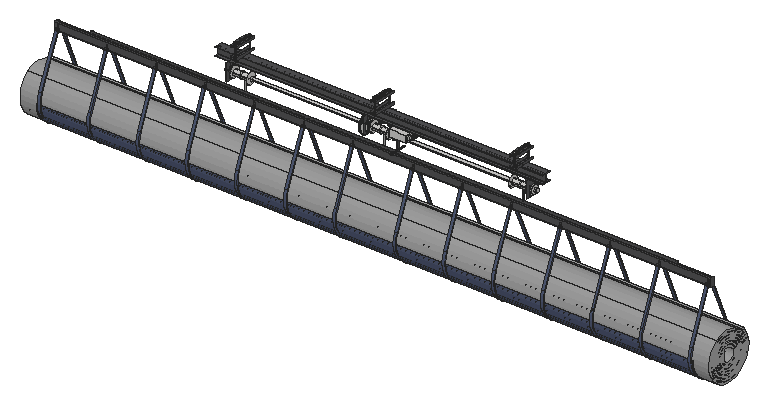
Revit family "Wrestling_Mat_Storage-PSS-4090", category Specialty Equipment, Revit 2017
Family settings
  Round Connector Dimension = Use Diameter
  Part Type = Normal
  OmniClass Number = 23.40.50.34.34
  OmniClass Title = Equipment Storage Racks
  Work Plane-Based = No
  Always vertical = Yes
  Cut with Voids When Loaded = No
  Shared = No
  Room Calculation Point = No
Parameters (values of type "4090 - Single Sling")
  URL = "http://www.perfsports.com/"
  Superstructure Finish = Powder Coat - Performance Sports Systems - Black
  Sling Material = Vinyl Coated Fabric - Performance Sports Systems - C04 Royal Blue
  Show Lower Sling = no
  Mat Color = Generic - Wrestling Mat
  Product Page URL = "http://www.perfsports.com/store/p-96-4090-mat-storage-system.aspx"
  Model = "4090"
  Manufacturer = "Performance Sports Systems"  # constant formula
  Length = 40' - 0"
  Description = "Wrestling Mat Storage System"
  Created By = "Revitus"  # constant formula
  Creator URL = "http://www.revituspro.com/"
  BIM Version = "v3.1"
  CSI MasterFormat = "11 66 23"
  Assembly Code = "E1020900"
  Attachment Height [instance] = 24' - 6"
Reference planes (in)
  plane 1 "Centerline of Drive Shaft (Front/Back)": y = 0
  plane 2: z = 0
  plane 3 "Center (Left/Right)": x = 0
  plane 4 "Left": x = -240
  plane 5 "Right": x = 240
  plane 6: x = -238
  plane 7: x = 238
  plane 8 "Top of Load Bar": z = 257.875
  plane 9: x = -214.75
  plane 10: x = 214.75
  plane 11 "Centerline of Curtain Roller (Top/Bottom)": z = 271.375
  plane 12 "Bottom of Structure": z = 294
  plane 13 "Bottom of Load Bar": z = 251.875
  plane 14: x = -120
  plane 15: x = 120
  plane 16 "Left Carrier Centerline (Left/Right)": x = -102
  plane 17 "Right Carrier Centerline (Left/Right)": x = 102
  plane 18: y = 3
  plane 19: y = 1
  plane 20 "Drive Shaft - Left": x = -114
  plane 21 "Drive Shaft - Right": x = 114
  plane 22 "Edge of Mat - Left": x = -252
  plane 23 "Edge of Mat - Right": x = 252
  plane 24: z = 193.375
  plane 25 "Centerline of Mat (Top/Bottom)": z = 211.375
  plane 26: z = 259.875
  plane 27: y = 2.25
  plane 28: y = 1.75
  plane 29 "Center (Front/Back)": y = 2
  plane 30 "Back": y = 20
  plane 31 "Front": y = -16
  plane 32: x = -22
  plane 33: z = 151.375
  plane 34: x = -202
  plane 35: x = -166
  plane 36: x = -130
  plane 37: x = -94
  plane 38: x = -58
  plane 39: x = 22
  plane 40: x = 202
  plane 41: x = 166
  plane 42: x = 130
  plane 43: x = 94
  plane 44: x = 58
Forms (in)
  Extrusion 1, solid, material "Powder Coat - Performance Sports Systems - Black" <- "Superstructure Finish"
    sketch origin (0, 0, 117) x (0, 1, 0) y (0, 0, 1)
      loop
        arc (3, 140.5) -> (2.89017, 140.76517) -> (2.625, 140.875) r 0.375
        line (2.625, 140.875) -> (1.375, 140.875)
        arc (1.375, 140.875) -> (1.10983, 140.76517) -> (1, 140.5) r 0.375
        line (1, 140.5) -> (1, 135.25)
        arc (1, 135.25) -> (1.10983, 134.98483) -> (1.375, 134.875) r 0.375
        line (1.375, 134.875) -> (2.625, 134.875)
        arc (2.625, 134.875) -> (2.89017, 134.98483) -> (3, 135.25) r 0.375
        line (3, 135.25) -> (3, 140.5)
      loop
        arc (2.8125, 140.5) -> (2.75758, 140.63258) -> (2.625, 140.6875) r 0.1875
        line (2.625, 140.6875) -> (1.375, 140.6875)
        arc (1.375, 140.6875) -> (1.24242, 140.63258) -> (1.1875, 140.5) r 0.1875
        line (1.1875, 140.5) -> (1.1875, 135.25)
        arc (1.1875, 135.25) -> (1.24242, 135.11742) -> (1.375, 135.0625) r 0.1875
        line (1.375, 135.0625) -> (2.625, 135.0625)
        arc (2.625, 135.0625) -> (2.75758, 135.11742) -> (2.8125, 135.25) r 0.1875
        line (2.8125, 135.25) -> (2.8125, 140.5)
    from -240 to 240
  Extrusion 2, solid, material "Metal - Performance Sports Systems - Gray Steel"
    sketch origin (0, 0, 0) x (0, 1, 0) y (0, 0, 1)
      loop
        circle (0, 271.375) r 1
    from -114 to 114
  Extrusion 3, solid, material "Powder Coat - Performance Sports Systems - Black" <- "Superstructure Finish", detail levels medium+fine
    sketch origin (0, 0, 0) x (0, 1, 0) y (0, 0, 1)
      loop
        line (-3, 285) -> (-3, 284.5625) -> (-0.40625, 284.5625)
        arc (-0.40625, 284.5625) -> (-0.22947, 284.48928) -> (-0.15625, 284.3125) r 0.25
        line (-0.15625, 284.3125) -> (-0.15625, 279.3125)
        arc (-0.15625, 279.3125) -> (-0.22947, 279.13572) -> (-0.40625, 279.0625) r 0.25
        line (-0.40625, 279.0625) -> (-3, 279.0625) -> (-3, 278.625) -> (3, 278.625) -> (3, 279.0625) -> (0.40625, 279.0625)
        arc (0.40625, 279.0625) -> (0.22947, 279.13572) -> (0.15625, 279.3125) r 0.25
        line (0.15625, 279.3125) -> (0.15625, 284.3125)
        arc (0.15625, 284.3125) -> (0.22947, 284.48928) -> (0.40625, 284.5625) r 0.25
        line (0.40625, 284.5625) -> (3, 284.5625) -> (3, 285) -> (-3, 285)
    from -120 to 120
  Extrusion 4, solid, material "Powder Coat - Performance Sports Systems - Black" <- "Superstructure Finish"
    sketch origin (0, 0, 0) x (0, 1, 0) y (0, 0, 1)
      loop
        line (2.25, 257.875) -> (2.25, 259.875) -> (1.75, 259.875) -> (1.75, 257.875) -> (2.25, 257.875)
    from -214.75 to 214.75
  Extrusion 5, solid, material "Generic - Wrestling Mat" <- "Mat Color"
    sketch origin (0, 0, 0) x (0, 1, 0) y (0, 0, 1)
      loop
        arc (-2.24264, 215.61764) -> (2, 205.375) -> (6.24264, 215.61764) r 6
        arc (6.24264, 215.61764) -> (1.5286, 217.97466) -> (-3.65685, 217.03185) r 8.33333
        arc (-3.65685, 217.03185) -> (2, 203.375) -> (7.65685, 217.03185) r 8
        arc (7.65685, 217.03185) -> (1.7971, 219.97427) -> (-4.66009, 218.83443) r 10.42105
        arc (-4.66009, 218.83443) -> (1.71728, 201.379) -> (9.07107, 218.44607) r 10
        arc (9.07107, 218.44607) -> (1.97061, 221.96962) -> (-5.81506, 220.4813) r 12.42105
        arc (-5.81506, 220.4813) -> (1.54315, 199.3837) -> (10.48528, 219.86028) r 12
        arc (10.48528, 219.86028) -> (2.14446, 223.96412) -> (-6.9677, 222.12583) r 14.42105
        arc (-6.9677, 222.12583) -> (1.36892, 197.38923) -> (11.89949, 221.27449) r 14
        arc (11.89949, 221.27449) -> (2.31851, 225.95809) -> (-8.11886, 223.7689) r 16.42105
        arc (-8.11886, 223.7689) -> (1.19463, 195.39528) -> (13.31371, 222.68871) r 16
        arc (13.31371, 222.68871) -> (2.49269, 227.95171) -> (-9.26904, 225.41098) r 18.42105
        arc (-9.26904, 225.41098) -> (1.02029, 193.40168) -> (14.72792, 224.10292) r 18
        line (14.72792, 224.10292) -> (13.84404, 223.21904)
        arc (13.84404, 223.21904) -> (1.12926, 194.64765) -> (-8.55027, 224.38477) r 16.75
        arc (-8.55027, 224.38477) -> (2.38382, 226.70573) -> (12.42983, 221.80483) r 17.17105
        arc (12.42983, 221.80483) -> (1.30357, 196.64145) -> (-7.39952, 222.74212) r 14.75
        arc (-7.39952, 222.74212) -> (2.20971, 224.71191) -> (11.01561, 220.39061) r 15.17105
        arc (11.01561, 220.39061) -> (1.47782, 198.6357) -> (-6.24752, 221.09822) r 12.75
        arc (-6.24752, 221.09822) -> (2.03578, 222.71764) -> (9.6014, 218.9764) r 13.17105
        arc (9.6014, 218.9764) -> (1.65199, 200.63063) -> (-5.09356, 219.45237) r 10.75
        arc (-5.09356, 219.45237) -> (1.86211, 220.72266) -> (8.18718, 217.56218) r 11.17105
        arc (8.18718, 217.56218) -> (1.82605, 202.62673) -> (-3.93634, 217.80324) r 8.75
        arc (-3.93634, 217.80324) -> (1.68894, 218.72649) -> (6.77297, 216.14797) r 9.17105
        arc (6.77297, 216.14797) -> (2, 204.625) -> (-2.77297, 216.14797) r 6.75
        arc (-2.77297, 216.14797) -> (1.51675, 216.72806) -> (5.35876, 214.73376) r 7.17105
        arc (5.35876, 214.73376) -> (2, 206.625) -> (-1.35876, 214.73376) r 4.75
        line (-1.35876, 214.73376) -> (-2.24264, 215.61764)
    from -252 to 252
  Extrusion 6, solid, material "Vinyl Coated Fabric - Performance Sports Systems - C04 Royal Blue" <- "Sling Material"
    sketch origin (0, 0, 0) x (0, 1, 0) y (0, 0, 1)
      loop
        line (-16, 211.375) -> (-16.125, 211.375)
        arc (-16.125, 211.375) -> (2, 193.25) -> (20.125, 211.375) r 18.125
        line (20.125, 211.375) -> (20, 211.375)
        arc (20, 211.375) -> (2, 193.375) -> (-16, 211.375) r 18
    from -240 to 240
  Extrusion 7, solid, material "Generic - Wrestling Mat" <- "Mat Color", visible <- "Show Lower Sling"
    sketch origin (0, 0, 0) x (0, 1, 0) y (0, 0, 1)
      loop
        arc (-2.24264, 155.61764) -> (2, 145.375) -> (6.24264, 155.61764) r 6
        arc (6.24264, 155.61764) -> (1.5286, 157.97466) -> (-3.65685, 157.03185) r 8.33333
        arc (-3.65685, 157.03185) -> (2, 143.375) -> (7.65685, 157.03185) r 8
        arc (7.65685, 157.03185) -> (1.7971, 159.97427) -> (-4.66009, 158.83443) r 10.42105
        arc (-4.66009, 158.83443) -> (1.71728, 141.379) -> (9.07107, 158.44607) r 10
        arc (9.07107, 158.44607) -> (1.97061, 161.96962) -> (-5.81506, 160.4813) r 12.42105
        arc (-5.81506, 160.4813) -> (1.54315, 139.3837) -> (10.48528, 159.86028) r 12
        arc (10.48528, 159.86028) -> (2.14446, 163.96412) -> (-6.9677, 162.12583) r 14.42105
        arc (-6.9677, 162.12583) -> (1.36892, 137.38923) -> (11.89949, 161.27449) r 14
        arc (11.89949, 161.27449) -> (2.31851, 165.95809) -> (-8.11886, 163.7689) r 16.42105
        arc (-8.11886, 163.7689) -> (1.19463, 135.39528) -> (13.31371, 162.68871) r 16
        arc (13.31371, 162.68871) -> (2.49269, 167.95171) -> (-9.26904, 165.41098) r 18.42105
        arc (-9.26904, 165.41098) -> (1.02029, 133.40168) -> (14.72792, 164.10292) r 18
        line (14.72792, 164.10292) -> (13.84404, 163.21904)
        arc (13.84404, 163.21904) -> (1.12926, 134.64765) -> (-8.55027, 164.38477) r 16.75
        arc (-8.55027, 164.38477) -> (2.38382, 166.70573) -> (12.42983, 161.80483) r 17.17105
        arc (12.42983, 161.80483) -> (1.30357, 136.64145) -> (-7.39952, 162.74212) r 14.75
        arc (-7.39952, 162.74212) -> (2.20971, 164.71191) -> (11.01561, 160.39061) r 15.17105
        arc (11.01561, 160.39061) -> (1.47782, 138.6357) -> (-6.24752, 161.09822) r 12.75
        arc (-6.24752, 161.09822) -> (2.03578, 162.71764) -> (9.6014, 158.9764) r 13.17105
        arc (9.6014, 158.9764) -> (1.65199, 140.63063) -> (-5.09356, 159.45237) r 10.75
        arc (-5.09356, 159.45237) -> (1.86211, 160.72266) -> (8.18718, 157.56218) r 11.17105
        arc (8.18718, 157.56218) -> (1.82605, 142.62673) -> (-3.93634, 157.80324) r 8.75
        arc (-3.93634, 157.80324) -> (1.68894, 158.72649) -> (6.77297, 156.14797) r 9.17105
        arc (6.77297, 156.14797) -> (2, 144.625) -> (-2.77297, 156.14797) r 6.75
        arc (-2.77297, 156.14797) -> (1.51675, 156.72806) -> (5.35876, 154.73376) r 7.17105
        arc (5.35876, 154.73376) -> (2, 146.625) -> (-1.35876, 154.73376) r 4.75
        line (-1.35876, 154.73376) -> (-2.24264, 155.61764)
    from -252 to 252
  Extrusion 8, solid, material "Vinyl Coated Fabric - Performance Sports Systems - C04 Royal Blue" <- "Sling Material", visible <- "Show Lower Sling"
    sketch origin (0, 0, 0) x (0, 1, 0) y (0, 0, 1)
      loop
        line (-16, 151.375) -> (-16.125, 151.375)
        arc (-16.125, 151.375) -> (2, 133.25) -> (20.125, 151.375) r 18.125
        line (20.125, 151.375) -> (20, 151.375)
        arc (20, 151.375) -> (2, 133.375) -> (-16, 151.375) r 18
    from -240 to 240
  Sweep 9, solid, material "Metal - Performance Sports Systems - Gray Steel"
    path origin (-102, 0, 0) x (0, 0, 1) y (0, -1, 0)
      loop
        line (259.875, -2) -> (271.375, -2)
        arc (271.375, -2) -> (272.78921, 1.41421) -> (269.375, 0) r 2
    profile origin (-102, -1.41421, 272.78921) x (0, 0.707107, -0.707107) y (1, 0, 0)
      loop
        circle (-0.15625, 0) r 0.15625
  Sweep 10, solid, material "Metal - Performance Sports Systems - Gray Steel"
    path origin (102, 0, 0) x (0, 0, 1) y (0, -1, 0)
      loop
        line (259.875, -2) -> (271.375, -2)
        arc (271.375, -2) -> (272.78921, 1.41421) -> (269.375, 0) r 2
    profile origin (102, -1.41421, 272.78921) x (0, -0.707107, 0.707107) y (-1, 0, 0)
      loop
        circle (-0.15625, 0) r 0.15625
  Sweep 11, solid, material "Metal - Performance Sports Systems - Gray Steel"
    path origin (0, 0, 0) x (0, 1, 0) y (0, 0, 1)
      loop
        line (2, 259.875) -> (2, 271.375)
        arc (2, 271.375) -> (-1.41421, 272.78921) -> (0, 269.375) r 2
    profile origin (0, -1.41421, 272.78921) x (0, 0.707107, -0.707107) y (1, 0, 0)
      loop
        circle (-0.15625, 0) r 0.15625
Lines and regions (in)
  symbolic lines, style "SpecialityEquipmentHiddenLines"
    curve 1: line (-240, 20, 0) -> (240, 20, 0)
    curve 2: line (-240, -16, 0) -> (240, -16, 0)
    curve 3: line (-240, 20, 0) -> (-240, -16, 0)
    curve 4: line (240, 20, 0) -> (240, -16, 0)
  model lines, style "InvisibleLines", not visible
    curve 5: line (0, 0, 259.875) -> (0, 0, 0)
Dimensions and locks (in)
  "Length": plane 4 "Left" to plane 5 "Right"
  locked: plane 4 "Left" to plane 9 at 25.25
  locked: plane 5 "Right" to plane 10 at 25.25
  equal spacing: plane 4 "Left", plane 3 "Center (Left/Right)", plane 5 "Right"
  "Attachment Height": plane 12 "Bottom of Structure" to level
  locked: plane 12 "Bottom of Structure" to plane 11 "Centerline of Curtain Roller (Top/Bottom)" at 22.625
  plane 12 "Bottom of Structure" to Extrusion 3 sketch curve to Extrusion 3 sketch curve = 0' - 9" locked, 0' - 6 3/8" locked
  plane 15 to plane 3 "Center (Left/Right)" to plane 14 = 10' - 0" locked, 10' - 0" locked
  locked: plane 16 "Left Carrier Centerline (Left/Right)" to plane 14 at 18
  locked: plane 17 "Right Carrier Centerline (Left/Right)" to plane 15 at 18
  plane 18 to plane 19 to plane 1 "Centerline of Drive Shaft (Front/Back)" = 0' - 2" locked, 0' - 1" locked
  locked: plane 8 "Top of Load Bar" to plane 13 "Bottom of Load Bar" at 6
  locked: plane 20 "Drive Shaft - Left" to plane 14 at 6
  locked: plane 21 "Drive Shaft - Right" to plane 15 at 6
  locked: plane 22 "Edge of Mat - Left" to plane 4 "Left" at 12
  locked: plane 5 "Right" to plane 23 "Edge of Mat - Right" at 12
  plane 11 "Centerline of Curtain Roller (Top/Bottom)" to plane 24 = 6' - 6"
  locked: plane 25 "Centerline of Mat (Top/Bottom)" to plane 24 at 18
  locked: plane 13 "Bottom of Load Bar" to plane 24 at 58.5
  locked: plane 26 to plane 8 "Top of Load Bar" at 2
  plane 18 to plane 27 to plane 28 = 0' - 0 3/4" locked, 0' - 0 1/2" locked
  locked: plane 6 to plane 4 "Left" at 2
  locked: plane 5 "Right" to plane 7 at 2
  locked: plane 29 "Center (Front/Back)" to plane 1 "Centerline of Drive Shaft (Front/Back)" at 2
  plane 30 "Back" to plane 29 "Center (Front/Back)" to plane 31 "Front" = 1' - 6" locked, 1' - 6" locked
  plane 39 to plane 3 "Center (Left/Right)" to plane 32 = 1' - 10" locked, 1' - 10" locked
  locked: plane 25 "Centerline of Mat (Top/Bottom)" to plane 33 at 60
  equal spacing: plane 32, plane 38, plane 37, plane 36, plane 35, plane 34, plane 6
  equal spacing: plane 39, plane 44, plane 43, plane 42, plane 41, plane 40, plane 7
  aligned and locked: level to plane 2
  aligned and locked: level to curve 5
  aligned and locked: plane 4 "Left" to curve 3
  aligned and locked: curve 4 to plane 5 "Right"
  aligned and locked: plane 5 "Right" to Extrusion 1
  aligned and locked: plane 4 "Left" to Extrusion 1
  aligned: plane 5 "Right" to Extrusion 2
  aligned: plane 5 "Right" to Extrusion 3
  aligned and locked: plane 11 "Centerline of Curtain Roller (Top/Bottom)" to nested 1
  aligned and locked: plane 1 "Centerline of Drive Shaft (Front/Back)" to nested 1
  aligned and locked: Extrusion 3 to plane 14
  aligned and locked: Extrusion 3 to plane 15
  aligned and locked: plane 16 "Left Carrier Centerline (Left/Right)" to nested 1
  aligned and locked: Extrusion 2 to plane 20 "Drive Shaft - Left"
  aligned and locked: Extrusion 2 to plane 21 "Drive Shaft - Right"
  aligned and locked: nested 2 to plane 11 "Centerline of Curtain Roller (Top/Bottom)"
  aligned and locked: nested 2 to plane 17 "Right Carrier Centerline (Left/Right)"
  aligned and locked: nested 2 to plane 1 "Centerline of Drive Shaft (Front/Back)"
  aligned and locked: plane 11 "Centerline of Curtain Roller (Top/Bottom)" to nested 3
  aligned and locked: plane 3 "Center (Left/Right)" to nested 3
  aligned and locked: plane 1 "Centerline of Drive Shaft (Front/Back)" to nested 3
  aligned and locked: plane 18 to Extrusion 1 sketch curve
  aligned and locked: plane 8 "Top of Load Bar" to Extrusion 1 sketch curve
  aligned and locked: plane 13 "Bottom of Load Bar" to Extrusion 1 sketch curve
  aligned and locked: Extrusion 1 sketch curve to plane 19
  aligned and locked: plane 27 to Extrusion 4 sketch curve
  aligned and locked: plane 28 to Extrusion 4 sketch curve
  aligned and locked: plane 8 "Top of Load Bar" to Extrusion 4 sketch curve
  aligned and locked: plane 26 to Extrusion 4 sketch curve
  aligned and locked: Extrusion 4 to plane 9
  aligned and locked: Extrusion 4 to plane 10
  aligned and locked: Extrusion 5 to plane 22 "Edge of Mat - Left"
  aligned and locked: Extrusion 5 to plane 23 "Edge of Mat - Right"
  aligned and locked: plane 4 "Left" to Extrusion 6
  aligned and locked: plane 5 "Right" to Extrusion 6
  aligned and locked: plane 25 "Centerline of Mat (Top/Bottom)" to Extrusion 6 sketch curve
  aligned and locked: curve 1 to plane 30 "Back"
  aligned and locked: plane 31 "Front" to curve 2
  aligned and locked: plane 25 "Centerline of Mat (Top/Bottom)" to nested 4
  aligned and locked: plane 29 "Center (Front/Back)" to nested 4
  aligned and locked: plane 6 to nested 4
  aligned and locked: Extrusion 8 sketch curve to plane 33  (x2)
  aligned and locked: plane 32 to nested 10
  aligned and locked: plane 38 to nested 9
  aligned and locked: plane 37 to nested 8
  aligned and locked: plane 36 to nested 7
  aligned and locked: plane 35 to nested 6
  aligned and locked: plane 34 to nested 5
  aligned and locked: plane 25 "Centerline of Mat (Top/Bottom)" to nested 5
  aligned and locked: plane 25 "Centerline of Mat (Top/Bottom)" to nested 6
  aligned and locked: plane 25 "Centerline of Mat (Top/Bottom)" to nested 7
  aligned and locked: plane 25 "Centerline of Mat (Top/Bottom)" to nested 8
  aligned and locked: plane 25 "Centerline of Mat (Top/Bottom)" to nested 9
  aligned and locked: plane 25 "Centerline of Mat (Top/Bottom)" to nested 10
  aligned and locked: plane 29 "Center (Front/Back)" to nested 5
  aligned and locked: plane 29 "Center (Front/Back)" to nested 6
  aligned and locked: plane 29 "Center (Front/Back)" to nested 7
  aligned and locked: plane 29 "Center (Front/Back)" to nested 8
  aligned and locked: plane 29 "Center (Front/Back)" to nested 9
  aligned and locked: plane 29 "Center (Front/Back)" to nested 10
  aligned and locked: plane 25 "Centerline of Mat (Top/Bottom)" to nested 11
  aligned and locked: plane 25 "Centerline of Mat (Top/Bottom)" to nested 12
  aligned and locked: plane 25 "Centerline of Mat (Top/Bottom)" to nested 13
  aligned and locked: plane 25 "Centerline of Mat (Top/Bottom)" to nested 14
  aligned and locked: plane 25 "Centerline of Mat (Top/Bottom)" to nested 15
  aligned and locked: plane 25 "Centerline of Mat (Top/Bottom)" to nested 16
  aligned and locked: plane 25 "Centerline of Mat (Top/Bottom)" to nested 17
  aligned and locked: plane 29 "Center (Front/Back)" to nested 11
  aligned and locked: plane 29 "Center (Front/Back)" to nested 12
  aligned and locked: plane 29 "Center (Front/Back)" to nested 13
  aligned and locked: plane 29 "Center (Front/Back)" to nested 14
  aligned and locked: plane 29 "Center (Front/Back)" to nested 15
  aligned and locked: plane 29 "Center (Front/Back)" to nested 16
  aligned and locked: plane 29 "Center (Front/Back)" to nested 17
  aligned and locked: nested 11 to plane 39
  aligned and locked: nested 12 to plane 44
  aligned and locked: nested 13 to plane 43
  aligned and locked: nested 14 to plane 42
  aligned and locked: nested 15 to plane 41
  aligned and locked: nested 16 to plane 40
  aligned and locked: nested 17 to plane 7
  aligned and locked: plane 4 "Left" to Extrusion 8
  aligned and locked: plane 22 "Edge of Mat - Left" to Extrusion 7
  aligned and locked: plane 5 "Right" to Extrusion 8
  aligned and locked: Extrusion 7 to plane 23 "Edge of Mat - Right"
  aligned and locked: Sweep 9 sketch curve to nested 4
  aligned and locked: plane 26 to Sweep 9 sketch curve
  aligned and locked: Sweep 10 sketch curve to plane 29 "Center (Front/Back)"
  aligned and locked: plane 26 to Sweep 10 sketch curve
  aligned and locked: plane 1 "Centerline of Drive Shaft (Front/Back)" to Sweep 10 sketch curve
  aligned and locked: Sweep 11 sketch curve to plane 29 "Center (Front/Back)"
  aligned and locked: plane 26 to Sweep 11 sketch curve
  aligned and locked: plane 1 "Centerline of Drive Shaft (Front/Back)" to Sweep 11 sketch curve
Automatic sketch dimensions
  curve 5 to plane 3 "Center (Left/Right)" = 0' - 0"
  curve 5 to plane 26 = 0' - 0"
  Extrusion 1 sketch curve to Extrusion 1 sketch curve = 0' - 0"  (x8)
  plane 19 to Extrusion 1 sketch curve = 0' - 0 3/16"
  Extrusion 1 sketch curve to Extrusion 1 sketch curve = 0' - 0 3/16"  (x2)
  plane 18 to Extrusion 1 sketch curve = 0' - 0 3/8"  (x2)
  Extrusion 2 sketch curve to plane 1 "Centerline of Drive Shaft (Front/Back)" = 0' - 0"
  Extrusion 2 sketch curve to plane 11 "Centerline of Curtain Roller (Top/Bottom)" = 0' - 0"
  Extrusion 3 sketch curve to plane 18 = 0' - 0"  (x2)
  Extrusion 3 sketch curve to plane 1 "Centerline of Drive Shaft (Front/Back)" = 0' - 0 13/32"  (x2)
  Extrusion 3 sketch curve to plane 1 "Centerline of Drive Shaft (Front/Back)" = 0' - 0 5/32"
  plane 1 "Centerline of Drive Shaft (Front/Back)" to Extrusion 3 sketch curve = 0' - 0 5/32"
  Extrusion 3 sketch curve to Extrusion 3 sketch curve = 0' - 0 1/4"  (x2)
  Extrusion 3 sketch curve to Extrusion 3 sketch curve = 0' - 2 19/32"  (x2)
  Extrusion 3 sketch curve to Extrusion 3 sketch curve = 0' - 0 7/16"  (x2)
  Extrusion 3 sketch curve to Extrusion 3 sketch curve = 0' - 0 11/16"
  Extrusion 3 sketch curve to Extrusion 3 sketch curve = 0' - 0"
  Extrusion 5 sketch curve to Extrusion 5 sketch curve = 0' - 0"  (x304)
  Extrusion 5 sketch curve to plane 25 "Centerline of Mat (Top/Bottom)" = 0' - 0"
  Extrusion 5 sketch curve to plane 29 "Center (Front/Back)" = 0' - 0"
  Extrusion 5 sketch curve to plane 1 "Centerline of Drive Shaft (Front/Back)" = 0' - 0.35008"
  Extrusion 5 sketch curve to Extrusion 5 sketch curve = 0' - 0.06203"
  plane 1 "Centerline of Drive Shaft (Front/Back)" to Extrusion 5 sketch curve = 0' - 1.35876"
  Extrusion 5 sketch curve to Extrusion 5 sketch curve = 0' - 0.88388"  (x4)
  Extrusion 5 sketch curve to Extrusion 5 sketch curve = 0' - 0.53033"  (x4)
  Extrusion 5 sketch curve to Extrusion 5 sketch curve = 0' - 0.27949"
  Extrusion 5 sketch curve to Extrusion 5 sketch curve = 0' - 0.72375"
  Extrusion 5 sketch curve to Extrusion 5 sketch curve = 0' - 0.43347"
  Extrusion 5 sketch curve to Extrusion 5 sketch curve = 0' - 0.7215"
  Extrusion 5 sketch curve to Extrusion 5 sketch curve = 0' - 0.43245"
  Extrusion 5 sketch curve to Extrusion 5 sketch curve = 0' - 0.72018"
  Extrusion 5 sketch curve to Extrusion 5 sketch curve = 0' - 0.43183"
  Extrusion 5 sketch curve to Extrusion 5 sketch curve = 0' - 0.71934"
  Extrusion 5 sketch curve to Extrusion 5 sketch curve = 0' - 0.43141"
  Extrusion 5 sketch curve to Extrusion 5 sketch curve = 0' - 0 23/32"
  Extrusion 5 sketch curve to plane 18 = 0' - 2.35876"
  Extrusion 6 sketch curve to Extrusion 6 sketch curve = 0' - 0"  (x2)
  Extrusion 6 sketch curve to plane 25 "Centerline of Mat (Top/Bottom)" = 0' - 0"
  Extrusion 6 sketch curve to plane 31 "Front" = 0' - 0"
  Extrusion 6 sketch curve to plane 29 "Center (Front/Back)" = 0' - 0"
  Extrusion 6 sketch curve to Extrusion 6 sketch curve = 0' - 0 1/8"
  Extrusion 7 sketch curve to Extrusion 7 sketch curve = 0' - 0"  (x304)
  Extrusion 7 sketch curve to plane 29 "Center (Front/Back)" = 0' - 0"
  Extrusion 7 sketch curve to plane 33 = 0' - 0"
  Extrusion 7 sketch curve to plane 1 "Centerline of Drive Shaft (Front/Back)" = 0' - 0.35008"
  Extrusion 7 sketch curve to Extrusion 7 sketch curve = 0' - 0.06203"
  plane 1 "Centerline of Drive Shaft (Front/Back)" to Extrusion 7 sketch curve = 0' - 1.35876"
  Extrusion 7 sketch curve to Extrusion 7 sketch curve = 0' - 0.88388"  (x4)
  Extrusion 7 sketch curve to Extrusion 7 sketch curve = 0' - 0.53033"  (x4)
  Extrusion 7 sketch curve to Extrusion 7 sketch curve = 0' - 0.27949"
  Extrusion 7 sketch curve to Extrusion 7 sketch curve = 0' - 0.72375"
  Extrusion 7 sketch curve to Extrusion 7 sketch curve = 0' - 0.43347"
  Extrusion 7 sketch curve to Extrusion 7 sketch curve = 0' - 0.7215"
  Extrusion 7 sketch curve to Extrusion 7 sketch curve = 0' - 0.43245"
  Extrusion 7 sketch curve to Extrusion 7 sketch curve = 0' - 0.72018"
  Extrusion 7 sketch curve to Extrusion 7 sketch curve = 0' - 0.43183"
  Extrusion 7 sketch curve to Extrusion 7 sketch curve = 0' - 0.71934"
  Extrusion 7 sketch curve to Extrusion 7 sketch curve = 0' - 0.43141"
  Extrusion 7 sketch curve to Extrusion 7 sketch curve = 0' - 0 23/32"
  Extrusion 7 sketch curve to plane 18 = 0' - 2.35876"
  Extrusion 8 sketch curve to Extrusion 8 sketch curve = 0' - 0"
  Extrusion 8 sketch curve to plane 31 "Front" = 0' - 0"
  Extrusion 8 sketch curve to plane 29 "Center (Front/Back)" = 0' - 0"
  Extrusion 8 sketch curve to Extrusion 8 sketch curve = 0' - 0 1/8"
  Sweep 9 sketch curve to plane 1 "Centerline of Drive Shaft (Front/Back)" = 0' - 0"
  Sweep 9 sketch curve to plane 11 "Centerline of Curtain Roller (Top/Bottom)" = 0' - 0"
  Sweep 9 sketch curve to plane 16 "Left Carrier Centerline (Left/Right)" = 0' - 0"
  profile plane to Sweep 9 sketch curve = 0' - 0 5/32"
  Sweep 10 sketch curve to plane 11 "Centerline of Curtain Roller (Top/Bottom)" = 0' - 0"
  Sweep 10 sketch curve to plane 17 "Right Carrier Centerline (Left/Right)" = 0' - 0"
  profile plane to Sweep 10 sketch curve = 0' - 0 5/32"
  Sweep 11 sketch curve to profile plane = 0' - 0"
  profile plane to Sweep 11 sketch curve = 0' - 0 5/32"
  Sweep 11 sketch curve to plane 11 "Centerline of Curtain Roller (Top/Bottom)" = 0' - 0"
  radius of Extrusion 2 sketch curve = 0' - 1"
  radius of Sweep 9 sketch curve = 0' - 0 5/32"
  radius of Sweep 10 sketch curve = 0' - 0 5/32"
  radius of Sweep 11 sketch curve = 0' - 0 5/32"
Nested families (in)
  nested 1: "Wrestling_Mat_Storage-Carrier-PSS" at (-102, 0, 271.375), type "Wrestling_Mat_Storage-Carrier-PSS"
  nested 2: "Wrestling_Mat_Storage-Carrier-PSS" at (102, 0, 271.375) x (-1, 0, 0) z (0, 0, 1), type "Wrestling_Mat_Storage-Carrier-PSS"
  nested 3: "Wrestling_Mat_Storage-Hoist-PSS" at (0, 0, 271.375), type "Wrestling_Mat_Storage-Hoist-PSS"
  nested 4: "Wrestling_Mat_Storage-Sling_Strap-PSS-4090" at (-238, 2, 211.375), type "Wrestling_Mat_Storage-Sling_Strap-PSS-4090"
    with Show Lower Sling no
  nested 5: "Wrestling_Mat_Storage-Sling_Strap-PSS-4090" at (-202, 2, 211.375), type "Wrestling_Mat_Storage-Sling_Strap-PSS-4090"
    with Show Lower Sling no
  nested 6: "Wrestling_Mat_Storage-Sling_Strap-PSS-4090" at (-166, 2, 211.375), type "Wrestling_Mat_Storage-Sling_Strap-PSS-4090"
    with Show Lower Sling no
  nested 7: "Wrestling_Mat_Storage-Sling_Strap-PSS-4090" at (-130, 2, 211.375), type "Wrestling_Mat_Storage-Sling_Strap-PSS-4090"
    with Show Lower Sling no
  nested 8: "Wrestling_Mat_Storage-Sling_Strap-PSS-4090" at (-94, 2, 211.375), type "Wrestling_Mat_Storage-Sling_Strap-PSS-4090"
    with Show Lower Sling no
  nested 9: "Wrestling_Mat_Storage-Sling_Strap-PSS-4090" at (-58, 2, 211.375), type "Wrestling_Mat_Storage-Sling_Strap-PSS-4090"
    with Show Lower Sling no
  nested 10: "Wrestling_Mat_Storage-Sling_Strap-PSS-4090" at (-22, 2, 211.375), type "Wrestling_Mat_Storage-Sling_Strap-PSS-4090"
    with Show Lower Sling no
  nested 11: "Wrestling_Mat_Storage-Sling_Strap-PSS-4090" at (22, 2, 211.375), type "Wrestling_Mat_Storage-Sling_Strap-PSS-4090"
    with Show Lower Sling no
  nested 12: "Wrestling_Mat_Storage-Sling_Strap-PSS-4090" at (58, 2, 211.375), type "Wrestling_Mat_Storage-Sling_Strap-PSS-4090"
    with Show Lower Sling no
  nested 13: "Wrestling_Mat_Storage-Sling_Strap-PSS-4090" at (94, 2, 211.375), type "Wrestling_Mat_Storage-Sling_Strap-PSS-4090"
    with Show Lower Sling no
  nested 14: "Wrestling_Mat_Storage-Sling_Strap-PSS-4090" at (130, 2, 211.375), type "Wrestling_Mat_Storage-Sling_Strap-PSS-4090"
    with Show Lower Sling no
  nested 15: "Wrestling_Mat_Storage-Sling_Strap-PSS-4090" at (166, 2, 211.375), type "Wrestling_Mat_Storage-Sling_Strap-PSS-4090"
    with Show Lower Sling no
  nested 16: "Wrestling_Mat_Storage-Sling_Strap-PSS-4090" at (202, 2, 211.375), type "Wrestling_Mat_Storage-Sling_Strap-PSS-4090"
    with Show Lower Sling no
  nested 17: "Wrestling_Mat_Storage-Sling_Strap-PSS-4090" at (238, 2, 211.375), type "Wrestling_Mat_Storage-Sling_Strap-PSS-4090"
    with Show Lower Sling no
Definition of nested family "Wrestling_Mat_Storage-Carrier-PSS"
  Parameters
    URL = "http://www.perfsports.com/"
    Superstructure Finish = none
    Manufacturer = "Performance Sports Systems"  # constant formula
    Description = "Fastener for Attaching Wrestling Mat Storage to Structure"
    Default Elevation = 4' - 0"
    Created By = "Revitus"  # constant formula
    Creator URL = "http://www.revituspro.com/"
    Assembly Code = ""
  Reference planes (in)
    plane 1 "Center (Front/Back)": y = 0
    plane 2: z = 0
    plane 3 "Center (Left/Right)": x = 0
    plane 4: z = 22.625
  Forms (in)
    Extrusion 1, solid, material <- "Superstructure Finish", detail levels medium+fine
      sketch origin (0, 1.75, 13.625) x (1, 0, 0) y (0, 1, 0)
        loop
          line (-1.36028, 6.25) -> (-1.36028, -9.75) -> (1.36028, -9.75) -> (1.36028, 6.25) -> (-1.36028, 6.25)
        loop
          circle (0, 4.75) r 0.21875
        loop
          circle (0, -8.25) r 0.21875
        loop
          circle (0, 1.75) r 0.21875
        loop
          circle (0, -5.25) r 0.21875
      from 0 to 0.1875
    Extrusion 2, solid, material <- "Superstructure Finish", detail levels medium+fine
      sketch origin (0, 1.75, 13.625) x (1, 0, 0) y (0, 0, 1)
        loop
          line (2, 0) -> (2, 1.5625) -> (1.91739, 1.5625)
          arc (1.91739, 1.5625) -> (1.83704, 1.53326) -> (1.79429, 1.45921) r 0.125
          line (1.79429, 1.45921) -> (1.60648, 0.39409)
          arc (1.60648, 0.39409) -> (1.52097, 0.24599) -> (1.36028, 0.1875) r 0.25
          line (1.36028, 0.1875) -> (1.36028, 0) -> (2, 0)
        loop
          line (-2, 0) -> (-1.36028, 0) -> (-1.36028, 0.1875)
          arc (-1.36028, 0.1875) -> (-1.52097, 0.24599) -> (-1.60648, 0.39409) r 0.25
          line (-1.60648, 0.39409) -> (-1.79429, 1.45921)
          arc (-1.79429, 1.45921) -> (-1.83704, 1.53326) -> (-1.91739, 1.5625) r 0.125
          line (-1.91739, 1.5625) -> (-2, 1.5625) -> (-2, 0)
      from -6.25 to 9.75
    Extrusion 3, solid, detail levels medium+fine
      sketch origin (0, 0, 0) x (1, 0, 0) y (0, 1, 0)
        loop
          circle (0, -6.5) r 0.1875
        loop
          circle (0, 6.5) r 0.1875
      from 12.125 to 24.125
    Extrusion 4, solid, detail levels fine
      sketch origin (0, 0, 11.625) x (0, -1, 0) y (1, 0, 0)
        loop
          circle (-6.5, 0) r 0.1875
        loop
          line (-6.78125, 0.16238) -> (-6.78125, -0.16238) -> (-6.5, -0.32476) -> (-6.21875, -0.16238) -> (-6.21875, 0.16238) -> (-6.5, 0.32476) -> (-6.78125, 0.16238)
        loop
          circle (6.5, 0) r 0.1875
        loop
          line (6.78125, 0.16238) -> (6.5, 0.32476) -> (6.21875, 0.16238) -> (6.21875, -0.16238) -> (6.5, -0.32476) -> (6.78125, -0.16238) -> (6.78125, 0.16238)
      from 11 to 11.25
    Extrusion 5, solid, detail levels fine
      sketch origin (0, 0, 2.375) x (0, -1, 0) y (1, 0, 0)
        loop
          circle (-6.5, 0) r 0.1875
        loop
          line (-6.78125, 0.16238) -> (-6.78125, -0.16238) -> (-6.5, -0.32476) -> (-6.21875, -0.16238) -> (-6.21875, 0.16238) -> (-6.5, 0.32476) -> (-6.78125, 0.16238)
        loop
          circle (6.5, 0) r 0.1875
        loop
          line (6.78125, 0.16238) -> (6.5, 0.32476) -> (6.21875, 0.16238) -> (6.21875, -0.16238) -> (6.5, -0.32476) -> (6.78125, -0.16238) -> (6.78125, 0.16238)
      from 11 to 11.25
    Extrusion 6, solid, detail levels fine
      sketch origin (0, 0, 2.8125) x (0, -1, 0) y (1, 0, 0)
        loop
          circle (-6.5, 0) r 0.1875
        loop
          line (-6.78125, 0.16238) -> (-6.78125, -0.16238) -> (-6.5, -0.32476) -> (-6.21875, -0.16238) -> (-6.21875, 0.16238) -> (-6.5, 0.32476) -> (-6.78125, 0.16238)
        loop
          circle (6.5, 0) r 0.1875
        loop
          line (6.78125, 0.16238) -> (6.5, 0.32476) -> (6.21875, 0.16238) -> (6.21875, -0.16238) -> (6.5, -0.32476) -> (6.78125, -0.16238) -> (6.78125, 0.16238)
      from 11 to 11.25
    Extrusion 7, solid, detail levels fine
      sketch origin (0, 0, 11.1875) x (0, -1, 0) y (1, 0, 0)
        loop
          circle (-6.5, 0) r 0.1875
        loop
          line (-6.78125, 0.16238) -> (-6.78125, -0.16238) -> (-6.5, -0.32476) -> (-6.21875, -0.16238) -> (-6.21875, 0.16238) -> (-6.5, 0.32476) -> (-6.78125, 0.16238)
        loop
          circle (6.5, 0) r 0.1875
        loop
          line (6.78125, 0.16238) -> (6.5, 0.32476) -> (6.21875, 0.16238) -> (6.21875, -0.16238) -> (6.5, -0.32476) -> (6.78125, -0.16238) -> (6.78125, 0.16238)
      from 11 to 11.25
    Extrusion 8, solid, material <- "Superstructure Finish", detail levels medium+fine
      sketch origin (0, 25, 13.125) x (0, -1, 0) y (1, 0, 0)
        loop
          line (24.5, 2.25) -> (19.5, 2.25) -> (19.5, -2.25) -> (24.5, -2.25) -> (24.5, 2.25)
        loop
          circle (23.25, 0) r 0.1875
        loop
          circle (21.5, 0) r 0.21875
        loop
          circle (20.375, -1.5) r 0.1875
        loop
          circle (20.375, 1.5) r 0.1875
        loop
          line (25.5, 2.25) -> (25.5, -2.25) -> (30.5, -2.25) -> (30.5, 2.25) -> (25.5, 2.25)
        loop
          circle (26.75, 0) r 0.1875
        loop
          circle (28.5, 0) r 0.21875
        loop
          circle (29.625, -1.5) r 0.1875
        loop
          circle (29.625, 1.5) r 0.1875
      from 9.75 to 10
    Extrusion 9, solid, detail levels fine
      sketch origin (-1, 22.59375, 12.125) x (0, -1, 0) y (1, 0, 0)
        loop
          line (18.13113, -0.78125) -> (18.29351, -0.5) -> (18.13113, -0.21875) -> (17.80637, -0.21875) -> (17.64399, -0.5) -> (17.80637, -0.78125) -> (18.13113, -0.78125)
        loop
          line (18.13113, 2.21875) -> (18.29351, 2.5) -> (18.13113, 2.78125) -> (17.80637, 2.78125) -> (17.64399, 2.5) -> (17.80637, 2.21875) -> (18.13113, 2.21875)
        loop
          line (21.00613, 0.71875) -> (21.16851, 1) -> (21.00613, 1.28125) -> (20.68137, 1.28125) -> (20.51899, 1) -> (20.68137, 0.71875) -> (21.00613, 0.71875)
        loop
          line (24.50613, 0.71875) -> (24.66851, 1) -> (24.50613, 1.28125) -> (24.18137, 1.28125) -> (24.01899, 1) -> (24.18137, 0.71875) -> (24.50613, 0.71875)
        loop
          line (27.38113, -0.78125) -> (27.54351, -0.5) -> (27.38113, -0.21875) -> (27.05637, -0.21875) -> (26.89399, -0.5) -> (27.05637, -0.78125) -> (27.38113, -0.78125)
        loop
          line (27.38113, 2.21875) -> (27.54351, 2.5) -> (27.38113, 2.78125) -> (27.05637, 2.78125) -> (26.89399, 2.5) -> (27.05637, 2.21875) -> (27.38113, 2.21875)
        loop
          line (25.75, 0.80154) -> (26.09375, 0.60307) -> (26.4375, 0.80154) -> (26.4375, 1.19846) -> (26.09375, 1.39693) -> (25.75, 1.19846) -> (25.75, 0.80154)
        loop
          line (19.4375, 0.80154) -> (19.4375, 1.19846) -> (19.09375, 1.39693) -> (18.75, 1.19846) -> (18.75, 0.80154) -> (19.09375, 0.60307) -> (19.4375, 0.80154)
      from 11 to 11.25
    Extrusion 10, solid, material <- "Superstructure Finish", detail levels medium+fine
      sketch origin (0, 1.75, 22.625) x (0, -1, 0) y (1, 0, 0)
        loop
          line (-6.25, -1.36028) -> (9.75, -1.36028) -> (9.75, 1.36028) -> (-6.25, 1.36028) -> (-6.25, -1.36028)
        loop
          circle (-4.75, 0) r 0.21875
        loop
          circle (8.25, 0) r 0.21875
        loop
          circle (-1.75, 0) r 0.21875
        loop
          circle (5.25, 0) r 0.21875
      from 0 to -0.1875
    Extrusion 11, solid, material <- "Superstructure Finish", detail levels medium+fine
      sketch origin (0, 1.75, 22.625) x (1, 0, 0) y (0, 0, 1)
        loop
          line (2, 0) -> (1.36028, 0) -> (1.36028, -0.1875)
          arc (1.36028, -0.1875) -> (1.52097, -0.24599) -> (1.60648, -0.39409) r 0.25
          line (1.60648, -0.39409) -> (1.79429, -1.45921)
          arc (1.79429, -1.45921) -> (1.83704, -1.53326) -> (1.91739, -1.5625) r 0.125
          line (1.91739, -1.5625) -> (2, -1.5625) -> (2, 0)
        loop
          line (-2, 0) -> (-2, -1.5625) -> (-1.91739, -1.5625)
          arc (-1.91739, -1.5625) -> (-1.83704, -1.53326) -> (-1.79429, -1.45921) r 0.125
          line (-1.79429, -1.45921) -> (-1.60648, -0.39409)
          arc (-1.60648, -0.39409) -> (-1.52097, -0.24599) -> (-1.36028, -0.1875) r 0.25
          line (-1.36028, -0.1875) -> (-1.36028, 0) -> (-2, 0)
      from -6.25 to 9.75
    Extrusion 12, solid, detail levels fine
      sketch origin (0, 0, 0) x (1, 0, 0) y (0, 1, 0)
        loop
          circle (0, -3.5) r 0.21875
        loop
          circle (0, 3.5) r 0.21875
      from 21.625 to 23.125
    Extrusion 13, solid, detail levels fine
      sketch origin (0, 0, 0) x (1, 0, 0) y (0, 1, 0)
        loop
          circle (-1.5, 4.625) r 0.1875
        loop
          circle (1.5, 4.625) r 0.1875
        loop
          circle (0, 1.75) r 0.1875
        loop
          circle (0, -1.75) r 0.1875
        loop
          circle (-1.5, -4.625) r 0.1875
        loop
          circle (1.5, -4.625) r 0.1875
      from 22.625 to 23.125
    Extrusion 14, solid, detail levels medium+fine
      sketch origin (-4.8125, 0, -284.25) x (0, 1, 0) y (0, 0, -1)
        loop
          circle (0, -284.25) r 3.875
        loop
          circle (0, -284.25) r 1
      from 1.1875 to 1.375
    Extrusion 15, solid, detail levels medium+fine
      sketch origin (4.8125, 0, -284.25) x (0, 1, 0) y (0, 0, 1)
        loop
          circle (0, 284.25) r 3.875
        loop
          circle (0, 284.25) r 1
      from 1.1875 to 1.375
    Extrusion 16, solid, detail levels medium+fine
      sketch origin (0, 0, -284.25) x (0, 1, 0) y (0, 0, 1)
        loop
          circle (0, 284.25) r 2
        loop
          circle (0, 284.25) r 1.75
      from -6 to 6
    Extrusion 17, solid, detail levels medium+fine
      sketch origin (4.8125, 0, -284.25) x (0, 1, 0) y (0, 0, 1)
        loop
          circle (0, 284.25) r 1
        loop
          circle (0, 284.25) r 1.5
      from 1.375 to 2.375
    Extrusion 18, solid, detail levels medium+fine
      sketch origin (-4.8125, 0, -284.25) x (0, 1, 0) y (0, 0, -1)
        loop
          circle (0, -284.25) r 1
        loop
          circle (0, -284.25) r 1.5
      from 1.375 to 2.375
    Extrusion 19, solid, material <- "Superstructure Finish", detail levels medium+fine
      sketch origin (-0.5, 0, -6.375) x (0, 1, 0) y (0, 0, -1)
        loop
          line (5, -13.625) -> (5, -1.625) -> (-5, -1.625) -> (-5, -13.625) -> (5, -13.625)
        loop
          circle (2.5625, -8.9375) r 0.25
        loop
          circle (-2.5625, -8.9375) r 0.25
        loop
          circle (2.5625, -3.8125) r 0.25
        loop
          circle (-2.5625, -3.8125) r 0.25
        loop
          circle (0, -6.375) r 1
      from 7.1875 to 7.5625
    Extrusion 20, solid, detail levels medium+fine
      sketch origin (0, 0, 0) x (0, 1, 0) y (0, 0, 1)
        loop
          line (2.5625, 3.1875) -> (-2.5625, 3.1875)
          arc (-2.5625, 3.1875) -> (-3.00444, 3.00444) -> (-3.1875, 2.5625) r 0.625
          line (-3.1875, 2.5625) -> (-3.1875, -2.5625)
          arc (-3.1875, -2.5625) -> (-3.00444, -3.00444) -> (-2.5625, -3.1875) r 0.625
          line (-2.5625, -3.1875) -> (2.5625, -3.1875)
          arc (2.5625, -3.1875) -> (3.00444, -3.00444) -> (3.1875, -2.5625) r 0.625
          line (3.1875, -2.5625) -> (3.1875, 2.5625)
          arc (3.1875, 2.5625) -> (3.00444, 3.00444) -> (2.5625, 3.1875) r 0.625
        loop
          circle (0, 0) r 1
        loop
          circle (2.5625, 2.5625) r 0.25
        loop
          circle (-2.5625, 2.5625) r 0.25
        loop
          circle (-2.5625, -2.5625) r 0.25
        loop
          circle (2.5625, -2.5625) r 0.25
      from -8.6875 to -8.0625
    Extrusion 21, solid, detail levels medium+fine
      sketch origin (0, 0, 0) x (0, 1, 0) y (0, 0, 1)
        loop
          line (2.24472, 1.36083) -> (3.00444, 2.12056)
          arc (3.00444, 2.12056) -> (3.00444, 3.00444) -> (2.12056, 3.00444) r 0.625
          line (2.12056, 3.00444) -> (1.36083, 2.24472)
          arc (1.36083, 2.24472) -> (1.85616, 1.85616) -> (2.24472, 1.36083) r 2.625
        loop
          circle (2.5625, 2.5625) r 0.25
        loop
          arc (-2.24472, 1.36083) -> (-1.85616, 1.85616) -> (-1.36083, 2.24472) r 2.625
          line (-1.36083, 2.24472) -> (-2.12056, 3.00444)
          arc (-2.12056, 3.00444) -> (-3.00444, 3.00444) -> (-3.00444, 2.12056) r 0.625
          line (-3.00444, 2.12056) -> (-2.24472, 1.36083)
        loop
          circle (-2.5625, 2.5625) r 0.25
        loop
          arc (2.24472, -1.36083) -> (1.85616, -1.85616) -> (1.36083, -2.24472) r 2.625
          line (1.36083, -2.24472) -> (2.12056, -3.00444)
          arc (2.12056, -3.00444) -> (3.00444, -3.00444) -> (3.00444, -2.12056) r 0.625
          line (3.00444, -2.12056) -> (2.24472, -1.36083)
        loop
          circle (2.5625, -2.5625) r 0.25
        loop
          line (-2.24472, -1.36083) -> (-3.00444, -2.12056)
          arc (-3.00444, -2.12056) -> (-3.00444, -3.00444) -> (-2.12056, -3.00444) r 0.625
          line (-2.12056, -3.00444) -> (-1.36083, -2.24472)
          arc (-1.36083, -2.24472) -> (-1.85616, -1.85616) -> (-2.24472, -1.36083) r 2.625
        loop
          circle (-2.5625, -2.5625) r 0.25
      from -8.875 to -8.6875
    Extrusion 22, solid, detail levels medium+fine
      sketch origin (0, 0, 0) x (0, 1, 0) y (0, 0, 1)
        loop
          circle (0, 0) r 2.625
        loop
          circle (0, 0) r 1.25
      from -9.8125 to -8.6875
    Extrusion 23, solid, detail levels medium+fine
      sketch origin (0, 0, 0) x (0, 1, 0) y (0, 0, 1)
        loop
          circle (0, 0) r 1
        loop
          circle (0, 0) r 1.25
      from -10.375 to -8.0625
    Extrusion 24, solid, material <- "Superstructure Finish", detail levels medium+fine
      sketch origin (0, 1.90625, 0) x (1, 0, 0) y (0, 0, -1)
        loop
          line (-7.6875, -7.25) -> (-3.6875, -7.25) -> (-7.6875, -3.25) -> (-7.6875, -7.25)
      from 0 to 0.25
    Extrusion 25, solid, material <- "Superstructure Finish", detail levels medium+fine
      sketch origin (0, -1.90625, 0) x (1, 0, 0) y (0, 0, 1)
        loop
          line (-7.6875, 7.25) -> (-7.6875, 3.25) -> (-3.6875, 7.25) -> (-7.6875, 7.25)
      from 0 to 0.25
    Extrusion 26, solid, detail levels fine
      sketch origin (0, 0, 0) x (0, 1, 0) y (0, 0, 1)
        loop
          line (2.76096, 2.21875) -> (2.95943, 2.5625) -> (2.76096, 2.90625) -> (2.36404, 2.90625) -> (2.16557, 2.5625) -> (2.36404, 2.21875) -> (2.76096, 2.21875)
        loop
          line (-2.76096, 2.21875) -> (-2.36404, 2.21875) -> (-2.16557, 2.5625) -> (-2.36404, 2.90625) -> (-2.76096, 2.90625) -> (-2.95943, 2.5625) -> (-2.76096, 2.21875)
        loop
          line (2.76096, -2.21875) -> (2.36404, -2.21875) -> (2.16557, -2.5625) -> (2.36404, -2.90625) -> (2.76096, -2.90625) -> (2.95943, -2.5625) -> (2.76096, -2.21875)
        loop
          line (-2.76096, -2.21875) -> (-2.95943, -2.5625) -> (-2.76096, -2.90625) -> (-2.36404, -2.90625) -> (-2.16557, -2.5625) -> (-2.36404, -2.21875) -> (-2.76096, -2.21875)
      from -9.3125 to -8.875
    Extrusion 27, solid, detail levels fine
      sketch origin (-16.5625, 0, 0) x (0, 1, 0) y (0, 0, -1)
        loop
          line (2.76096, -2.21875) -> (2.36404, -2.21875) -> (2.16557, -2.5625) -> (2.36404, -2.90625) -> (2.76096, -2.90625) -> (2.95943, -2.5625) -> (2.76096, -2.21875)
        loop
          line (-2.76096, -2.21875) -> (-2.95943, -2.5625) -> (-2.76096, -2.90625) -> (-2.36404, -2.90625) -> (-2.16557, -2.5625) -> (-2.36404, -2.21875) -> (-2.76096, -2.21875)
        loop
          line (2.76096, 2.21875) -> (2.95943, 2.5625) -> (2.76096, 2.90625) -> (2.36404, 2.90625) -> (2.16557, 2.5625) -> (2.36404, 2.21875) -> (2.76096, 2.21875)
        loop
          line (-2.76096, 2.21875) -> (-2.36404, 2.21875) -> (-2.16557, 2.5625) -> (-2.36404, 2.90625) -> (-2.76096, 2.90625) -> (-2.95943, 2.5625) -> (-2.76096, 2.21875)
      from -9.3125 to -8.875
  Cuts and joins
    joined: Extrusion 1, Extrusion 2
    joined: Extrusion 10, Extrusion 11
    joined: Extrusion 20, Extrusion 21, Extrusion 22, Extrusion 23
  Dimensions and locks (in)
    plane 1 "Center (Front/Back)" to Extrusion 1 sketch curve = 0' - 8"
    plane 4 to level = 1' - 10 5/8"
    level to cut or joined group of Extrusion 1, Extrusion 2 to cut or joined group of Extrusion 10, Extrusion 11 = 1' - 1 5/8", 0' - 9"
    aligned and locked: level to plane 2
    aligned: plane 4 to Extrusion 3
Definition of nested family "Wrestling_Mat_Storage-Hoist-PSS"
  Parameters
    URL = "http://www.perfsports.com/"
    Superstructure Finish = none
    Manufacturer = "Performance Sports Systems"  # constant formula
    Description = "Wrestling Mat Hoist"
    Default Elevation = 4' - 0"
    Created By = "Revitus"  # constant formula
    Creator URL = "http://www.revituspro.com/"
    Assembly Code = ""
  Reference planes (in)
    plane 1 "Center (Front/Back)": y = 0
    plane 2: z = 0
    plane 3 "Center (Left/Right)": x = 0
  Forms (in)
    Extrusion 1, solid, material <- "Superstructure Finish", detail levels medium+fine
      sketch origin (0, 1.75, 13.625) x (1, 0, 0) y (0, 1, 0)
        loop
          line (-1.36028, 6.25) -> (-1.36028, -9.75) -> (1.36028, -9.75) -> (1.36028, 6.25) -> (-1.36028, 6.25)
        loop
          circle (0, 4.75) r 0.21875
        loop
          circle (0, -8.25) r 0.21875
        loop
          circle (0, 1.75) r 0.21875
        loop
          circle (0, -5.25) r 0.21875
      from 0 to 0.1875
    Extrusion 2, solid, material <- "Superstructure Finish", detail levels medium+fine
      sketch origin (0, 1.75, 13.625) x (1, 0, 0) y (0, 0, 1)
        loop
          line (2, 0) -> (2, 1.5625) -> (1.91739, 1.5625)
          arc (1.91739, 1.5625) -> (1.83704, 1.53326) -> (1.79429, 1.45921) r 0.125
          line (1.79429, 1.45921) -> (1.60648, 0.39409)
          arc (1.60648, 0.39409) -> (1.52097, 0.24599) -> (1.36028, 0.1875) r 0.25
          line (1.36028, 0.1875) -> (1.36028, 0) -> (2, 0)
        loop
          line (-2, 0) -> (-1.36028, 0) -> (-1.36028, 0.1875)
          arc (-1.36028, 0.1875) -> (-1.52097, 0.24599) -> (-1.60648, 0.39409) r 0.25
          line (-1.60648, 0.39409) -> (-1.79429, 1.45921)
          arc (-1.79429, 1.45921) -> (-1.83704, 1.53326) -> (-1.91739, 1.5625) r 0.125
          line (-1.91739, 1.5625) -> (-2, 1.5625) -> (-2, 0)
      from -6.25 to 9.75
    Extrusion 3, solid, detail levels medium+fine
      sketch origin (0, 0, 0) x (1, 0, 0) y (0, 1, 0)
        loop
          circle (0, -6.5) r 0.1875
        loop
          circle (0, 6.5) r 0.1875
      from 12.125 to 24.125
    Extrusion 4, solid, detail levels fine
      sketch origin (0, 0, -3.25) x (0, -1, 0) y (1, 0, 0)
        loop
          circle (-10.0625, -7.875) r 0.25
        loop
          line (-10.46875, -7.64045) -> (-10.46875, -8.10955) -> (-10.0625, -8.3441) -> (-9.65625, -8.10955) -> (-9.65625, -7.64045) -> (-10.0625, -7.4059) -> (-10.46875, -7.64045)
        loop
          circle (-10.0625, -1.375) r 0.25
        loop
          line (-10.46875, -1.14045) -> (-10.46875, -1.60955) -> (-10.0625, -1.8441) -> (-9.65625, -1.60955) -> (-9.65625, -1.14045) -> (-10.0625, -0.9059) -> (-10.46875, -1.14045)
        loop
          circle (-5.1875, -7.875) r 0.25
        loop
          line (-5.59375, -7.64045) -> (-5.59375, -8.10955) -> (-5.1875, -8.3441) -> (-4.78125, -8.10955) -> (-4.78125, -7.64045) -> (-5.1875, -7.4059) -> (-5.59375, -7.64045)
        loop
          circle (-5.1875, -1.375) r 0.25
        loop
          line (-5.59375, -1.14045) -> (-5.59375, -1.60955) -> (-5.1875, -1.8441) -> (-4.78125, -1.60955) -> (-4.78125, -1.14045) -> (-5.1875, -0.9059) -> (-5.59375, -1.14045)
      from 11 to 11.25
    Extrusion 5, solid, detail levels fine
      sketch origin (0, 0, 2.375) x (0, -1, 0) y (1, 0, 0)
        loop
          circle (-6.5, 0) r 0.1875
        loop
          line (-6.78125, 0.16238) -> (-6.78125, -0.16238) -> (-6.5, -0.32476) -> (-6.21875, -0.16238) -> (-6.21875, 0.16238) -> (-6.5, 0.32476) -> (-6.78125, 0.16238)
        loop
          circle (6.5, 0) r 0.1875
        loop
          line (6.78125, 0.16238) -> (6.5, 0.32476) -> (6.21875, 0.16238) -> (6.21875, -0.16238) -> (6.5, -0.32476) -> (6.78125, -0.16238) -> (6.78125, 0.16238)
      from 11 to 11.25
    Extrusion 6, solid, detail levels fine
      sketch origin (0, 0, 2.8125) x (0, -1, 0) y (1, 0, 0)
        loop
          circle (-6.5, 0) r 0.1875
        loop
          line (-6.78125, 0.16238) -> (-6.78125, -0.16238) -> (-6.5, -0.32476) -> (-6.21875, -0.16238) -> (-6.21875, 0.16238) -> (-6.5, 0.32476) -> (-6.78125, 0.16238)
        loop
          circle (6.5, 0) r 0.1875
        loop
          line (6.78125, 0.16238) -> (6.5, 0.32476) -> (6.21875, 0.16238) -> (6.21875, -0.16238) -> (6.5, -0.32476) -> (6.78125, -0.16238) -> (6.78125, 0.16238)
      from 11 to 11.25
    Extrusion 7, solid, detail levels fine
      sketch origin (0, 0, 11.1875) x (0, -1, 0) y (1, 0, 0)
        loop
          circle (-6.5, 0) r 0.1875
        loop
          line (-6.78125, 0.16238) -> (-6.78125, -0.16238) -> (-6.5, -0.32476) -> (-6.21875, -0.16238) -> (-6.21875, 0.16238) -> (-6.5, 0.32476) -> (-6.78125, 0.16238)
        loop
          circle (6.5, 0) r 0.1875
        loop
          line (6.78125, 0.16238) -> (6.5, 0.32476) -> (6.21875, 0.16238) -> (6.21875, -0.16238) -> (6.5, -0.32476) -> (6.78125, -0.16238) -> (6.78125, 0.16238)
      from 11 to 11.25
    Extrusion 8, solid, material <- "Superstructure Finish", detail levels medium+fine
      sketch origin (0, 25, 13.125) x (0, -1, 0) y (1, 0, 0)
        loop
          line (24.5, 2.25) -> (19.5, 2.25) -> (19.5, -2.25) -> (24.5, -2.25) -> (24.5, 2.25)
        loop
          circle (23.25, 0) r 0.1875
        loop
          circle (21.5, 0) r 0.21875
        loop
          circle (20.375, -1.5) r 0.1875
        loop
          circle (20.375, 1.5) r 0.1875
        loop
          line (25.5, 2.25) -> (25.5, -2.25) -> (30.5, -2.25) -> (30.5, 2.25) -> (25.5, 2.25)
        loop
          circle (26.75, 0) r 0.1875
        loop
          circle (28.5, 0) r 0.21875
        loop
          circle (29.625, -1.5) r 0.1875
        loop
          circle (29.625, 1.5) r 0.1875
      from 9.75 to 10
    Extrusion 9, solid, detail levels fine
      sketch origin (-1, 22.59375, 12.125) x (0, -1, 0) y (1, 0, 0)
        loop
          line (18.13113, -0.78125) -> (18.29351, -0.5) -> (18.13113, -0.21875) -> (17.80637, -0.21875) -> (17.64399, -0.5) -> (17.80637, -0.78125) -> (18.13113, -0.78125)
        loop
          line (18.13113, 2.21875) -> (18.29351, 2.5) -> (18.13113, 2.78125) -> (17.80637, 2.78125) -> (17.64399, 2.5) -> (17.80637, 2.21875) -> (18.13113, 2.21875)
        loop
          line (21.00613, 0.71875) -> (21.16851, 1) -> (21.00613, 1.28125) -> (20.68137, 1.28125) -> (20.51899, 1) -> (20.68137, 0.71875) -> (21.00613, 0.71875)
        loop
          line (24.50613, 0.71875) -> (24.66851, 1) -> (24.50613, 1.28125) -> (24.18137, 1.28125) -> (24.01899, 1) -> (24.18137, 0.71875) -> (24.50613, 0.71875)
        loop
          line (27.38113, -0.78125) -> (27.54351, -0.5) -> (27.38113, -0.21875) -> (27.05637, -0.21875) -> (26.89399, -0.5) -> (27.05637, -0.78125) -> (27.38113, -0.78125)
        loop
          line (27.38113, 2.21875) -> (27.54351, 2.5) -> (27.38113, 2.78125) -> (27.05637, 2.78125) -> (26.89399, 2.5) -> (27.05637, 2.21875) -> (27.38113, 2.21875)
        loop
          line (25.75, 0.80154) -> (26.09375, 0.60307) -> (26.4375, 0.80154) -> (26.4375, 1.19846) -> (26.09375, 1.39693) -> (25.75, 1.19846) -> (25.75, 0.80154)
        loop
          line (19.4375, 0.80154) -> (19.4375, 1.19846) -> (19.09375, 1.39693) -> (18.75, 1.19846) -> (18.75, 0.80154) -> (19.09375, 0.60307) -> (19.4375, 0.80154)
      from 11 to 11.25
    Extrusion 10, solid, material <- "Superstructure Finish", detail levels medium+fine
      sketch origin (0, 1.75, 22.625) x (0, -1, 0) y (1, 0, 0)
        loop
          line (-6.25, -1.36028) -> (9.75, -1.36028) -> (9.75, 1.36028) -> (-6.25, 1.36028) -> (-6.25, -1.36028)
        loop
          circle (-4.75, 0) r 0.21875
        loop
          circle (8.25, 0) r 0.21875
        loop
          circle (-1.75, 0) r 0.21875
        loop
          circle (5.25, 0) r 0.21875
      from 0 to -0.1875
    Extrusion 11, solid, material <- "Superstructure Finish", detail levels medium+fine
      sketch origin (0, 1.75, 22.625) x (1, 0, 0) y (0, 0, 1)
        loop
          line (2, 0) -> (1.36028, 0) -> (1.36028, -0.1875)
          arc (1.36028, -0.1875) -> (1.52097, -0.24599) -> (1.60648, -0.39409) r 0.25
          line (1.60648, -0.39409) -> (1.79429, -1.45921)
          arc (1.79429, -1.45921) -> (1.83704, -1.53326) -> (1.91739, -1.5625) r 0.125
          line (1.91739, -1.5625) -> (2, -1.5625) -> (2, 0)
        loop
          line (-2, 0) -> (-2, -1.5625) -> (-1.91739, -1.5625)
          arc (-1.91739, -1.5625) -> (-1.83704, -1.53326) -> (-1.79429, -1.45921) r 0.125
          line (-1.79429, -1.45921) -> (-1.60648, -0.39409)
          arc (-1.60648, -0.39409) -> (-1.52097, -0.24599) -> (-1.36028, -0.1875) r 0.25
          line (-1.36028, -0.1875) -> (-1.36028, 0) -> (-2, 0)
      from -6.25 to 9.75
    Extrusion 12, solid, detail levels fine
      sketch origin (0, 0, 0) x (1, 0, 0) y (0, 1, 0)
        loop
          circle (0, -3.5) r 0.21875
        loop
          circle (0, 3.5) r 0.21875
      from 21.625 to 23.125
    Extrusion 13, solid, detail levels fine
      sketch origin (0, 0, 0) x (1, 0, 0) y (0, 1, 0)
        loop
          circle (-1.5, 4.625) r 0.1875
        loop
          circle (1.5, 4.625) r 0.1875
        loop
          circle (0, 1.75) r 0.1875
        loop
          circle (0, -1.75) r 0.1875
        loop
          circle (-1.5, -4.625) r 0.1875
        loop
          circle (1.5, -4.625) r 0.1875
      from 22.625 to 23.125
    Extrusion 14, solid, detail levels medium+fine
      sketch origin (-4.8125, 0, -284.25) x (0, 1, 0) y (0, 0, -1)
        loop
          circle (0, -284.25) r 3.875
        loop
          circle (0, -284.25) r 1
      from 1.1875 to 1.375
    Extrusion 15, solid, detail levels medium+fine
      sketch origin (4.8125, 0, -284.25) x (0, 1, 0) y (0, 0, 1)
        loop
          circle (0, 284.25) r 3.875
        loop
          circle (0, 284.25) r 1
      from 1.1875 to 1.375
    Extrusion 16, solid, detail levels medium+fine
      sketch origin (0, 0, -284.25) x (0, 1, 0) y (0, 0, 1)
        loop
          circle (0, 284.25) r 2
        loop
          circle (0, 284.25) r 1.75
      from -6 to 6
    Extrusion 17, solid, detail levels medium+fine
      sketch origin (4.8125, 0, -284.25) x (0, 1, 0) y (0, 0, 1)
        loop
          circle (0, 284.25) r 1
        loop
          circle (0, 284.25) r 1.5
      from 1.375 to 2.375
    Extrusion 18, solid, detail levels medium+fine
      sketch origin (-4.8125, 0, -284.25) x (0, 1, 0) y (0, 0, -1)
        loop
          circle (0, -284.25) r 1
        loop
          circle (0, -284.25) r 1.5
      from 1.375 to 2.375
    Extrusion 19, solid, material <- "Superstructure Finish", detail levels medium+fine
      sketch origin (-2.4375, 0, -6.375) x (0, 1, 0) y (0, 0, -1)
        loop
          line (5, -13.625) -> (5, -1.625) -> (-5, -1.625) -> (-5, -13.625) -> (5, -13.625)
        loop
          circle (2.5625, -8.9375) r 0.25
        loop
          circle (-2.5625, -8.9375) r 0.25
        loop
          circle (2.5625, -3.8125) r 0.25
        loop
          circle (-2.5625, -3.8125) r 0.25
        loop
          circle (0, -6.375) r 1
      from 7.1875 to 7.5625
    Extrusion 20, solid, material <- "Superstructure Finish", detail levels medium+fine
      sketch origin (-1.9375, 1.90625, 0) x (1, 0, 0) y (0, 0, -1)
        loop
          line (-7.6875, -7.25) -> (-3.6875, -7.25) -> (-7.6875, -3.25) -> (-7.6875, -7.25)
      from 0 to 0.25
    Extrusion 21, solid, material <- "Superstructure Finish", detail levels medium+fine
      sketch origin (-1.9375, -1.90625, 0) x (1, 0, 0) y (0, 0, 1)
        loop
          line (-7.6875, 7.25) -> (-7.6875, 3.25) -> (-3.6875, 7.25) -> (-7.6875, 7.25)
      from 0 to 0.25
    Extrusion 22, solid, detail levels medium+fine
      sketch origin (-17.6875, 0, 0) x (0, 1, 0) y (0, 0, -1)
        loop
          arc (2.5625, -3.1875) -> (3.00444, -3.00444) -> (3.1875, -2.5625) r 0.625
          line (3.1875, -2.5625) -> (3.1875, 2.5625)
          arc (3.1875, 2.5625) -> (3.00444, 3.00444) -> (2.5625, 3.1875) r 0.625
          line (2.5625, 3.1875) -> (-2.5625, 3.1875)
          arc (-2.5625, 3.1875) -> (-3.00444, 3.00444) -> (-3.1875, 2.5625) r 0.625
          line (-3.1875, 2.5625) -> (-3.1875, -2.5625)
